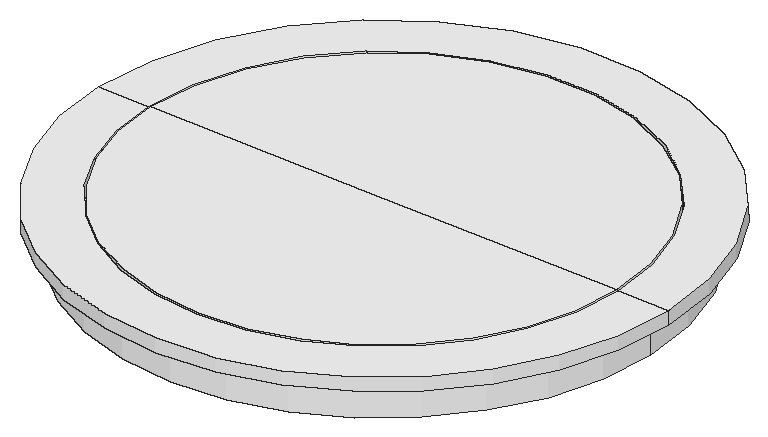
Revit family "Plumbing Fixture-FloorDrain_Mifab_C1310", category Plumbing Fixtures, host Face, Revit 2013
Parameters (values of type "2"")
  WFU = 0
  URL = "WWW.MIFAB.COM"
  Top Assembly Height = 0.000"
  Strainer Radius = Stainer Diameter / 2  # 2.750"
  Stainer Diameter = 5.500"
  Pipe Radius = Pipe Diameter / 2  # 1.000"
  Pipe Diameter = 2.000"
  Model = "C1310"
  Manufacturer = "MIFAB"
  Floor Drain Material = Paint - Sherwin Williams Paint - #952C2A - Bellwood Red
  Description = "FLOOR ACCESS COVER"
  Default Elevation = 0.000"
  Cover Diameter = 4.500"
  Body Height = 1.000"
Types (7): name | Strainer Radius | Stainer Diameter | Pipe Radius | Pipe Diameter | Cover Diameter
  (no name) | 2.750" | 5.500" | 1.000" | 2.000" | 4.500"
  8" | 5.750" | 11.500" | 4.000" | 8.000" | 10.250"
  2" | 2.750" | 5.500" | 1.000" | 2.000" | 4.500"
  3" | 2.750" | 5.500" | 1.500" | 3.000" | 4.500"
  4" | 3.375" | 6.750" | 2.000" | 4.000" | 5.750"
  5" | 4.000" | 8.000" | 2.500" | 5.000" | 7.000"
  6" | 4.750" | 9.500" | 3.000" | 6.000" | 8.250"
Reference planes (in)
  plane 1 "Center (Front/Back)": y = 0
  plane 2: z = 0
  plane 3 "Center (Left/Right)": x = 0
  plane 4: x = -2.75
  plane 5: x = 2.75
  plane 6: z = -1
  plane 7: x = -1
  plane 8: x = 1
  plane 9: z = 0
  plane 10: x = -2.25
  plane 11: x = 2.25
Forms (in)
  Revolve 1, solid, material "Paint - Sherwin Williams Paint - #952C2A - Bellwood Red" <- "Floor Drain Material"
    sketch origin (0, 0, 0) x (1, 0, 0) y (0, 0, 1)
      loop
        line (1.17001, -0.44996) -> (2.57548, -0.44996) -> (2.57548, -0.12503) -> (2.75, -0.12503) -> (2.75, 0) -> (2.27, 0) -> (2.27, -0.125) -> (1, -0.125) -> (1, -1) -> (1.06999, -1) -> (1.06999, -0.54998)
        arc (1.06999, -0.54998) -> (1.09928, -0.47926) -> (1.17001, -0.44996) r 0.10002
      axis (0, 0) -> (0, -1)
    angle from 0 to 360
  Revolve 2, solid, material "Paint - Sherwin Williams Paint - #952C2A - Bellwood Red" <- "Floor Drain Material"
    sketch origin (0, 0, 0) x (1, 0, 0) y (0, 0, 1)
      loop
        line (0, 0) -> (-2.25, 0) -> (-2.25, -0.125) -> (0, -0.125) -> (0, 0)
      axis (0, 0) -> (0, -0.125)
    angle from 0 to 360
Lines and regions (in)
  symbolic lines
    curve 1: circle (0, 0, 0) r 2.75 normal (0, 0, 1)
Dimensions and locks (in)
  equal spacing: plane 5, plane 3 "Center (Left/Right)", plane 4
  "Stainer Diameter": plane 5 to plane 4
  "Body Height": plane 9 to plane 6
  equal spacing: plane 8, plane 3 "Center (Left/Right)", plane 7
  "Pipe Diameter": plane 8 to plane 7
  "Top Assembly Height": host face to plane 9
  locked: Revolve 1 sketch curve to Revolve 1 sketch curve at 0.06999
  locked: Revolve 1 sketch curve to Revolve 1 sketch curve at 0.48
  equal spacing: plane 11, plane 3 "Center (Left/Right)", plane 10
  "Cover Diameter": plane 11 to plane 10
  "Strainer Radius": radius of curve 1
  aligned and locked: plane 2 to host face
  aligned and locked: level to host face
  aligned and locked: plane 1 "Center (Front/Back)" to curve 1
  aligned and locked: plane 3 "Center (Left/Right)" to curve 1
  aligned and locked: Revolve 1 sketch curve to level
  aligned and locked: plane 5 to Revolve 1 sketch curve
  aligned and locked: host face to Revolve 2 sketch curve
  aligned and locked: Revolve 2 sketch curve to Revolve 1
  aligned and locked: Revolve 2 sketch curve to plane 3 "Center (Left/Right)"
  aligned and locked: Revolve 2 sketch curve to plane 10
Automatic sketch dimensions
  host sketch curve to host sketch curve = 96.000"  (x2)
  plane 8 to Revolve 1 sketch curve = 0.000"
  Revolve 1 sketch curve to plane 6 = 0.000"
  Revolve 1 sketch curve to plane 3 "Center (Left/Right)" = 0.000"
  Revolve 1 sketch curve to Revolve 1 sketch curve = 0.10002"
  Revolve 1 sketch curve to Revolve 1 sketch curve = 0.32493"
  Revolve 1 sketch curve to level = 0.125"
  Revolve 1 sketch curve to plane 6 = 21.500"
  plane 5 to Revolve 1 sketch curve = 0.17452"
  Revolve 1 sketch curve to level = 0.12503"
  level to Revolve 1 sketch curve = 102.71882"
  Revolve 2 sketch curve to plane 3 "Center (Left/Right)" = 0.000"
  Revolve 2 sketch curve to plane 6 = 0.35631"
  Revolve 2 sketch curve to Revolve 2 sketch curve = 0.39369"
  plane 1 "Center (Front/Back)" to curve 1 = 0.000"
  curve 1 to plane 3 "Center (Left/Right)" = 0.000"
